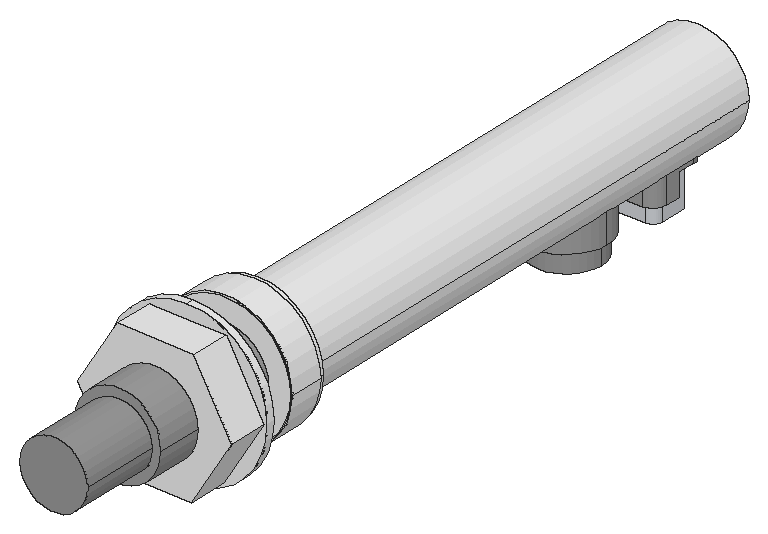
Revit family "DAN DRYER TAPS Watertap wall-mounted water faucet touch-less 390", category Electrical Fixtures, host Wall, Revit 2018
Family settings
  Host = Wall
  Maintain Annotation Orientation = No
  Round Connector Dimension = Use Diameter
  Part Type = Normal
  OmniClass Number = 23.80.00.00
  OmniClass Title = Electric Power and Lighting
  Always vertical = Yes
  Cut with Voids When Loaded = No
  Shared = No
  Room Calculation Point = No
Parameters (values of type "WaterTap Wall-mounted 390")
  Wall_thickness [instance] = 15 mm
  URL = "https://www.dandryer.com/en-us/products/dan-dryer-taps/390-watertap-wall-mounted-water-faucet--touch-less"
  Show Pump [instance] = yes
  Show Container [instance] = yes
  Semi Clear plast = DD_Semiclear plastic
  Satin stainless steel = DD_Satin Stainless Steel
  Model = "DAN DRYER WATERTAP WALL-MOUNTED WATER FAUCET TOUCH-LESS 390"
  Manufacturer = "https://www.dandryer.com/"
  Indicator = DD_Green Highlight
  Opaque Plast = DD_White plastic
  Offset washer/nut [instance] = if(Wall_thickness < 10 mm, 10 mm, if(Wall_thickness > 30 mm, 30 mm, Wall_thickness))  # 15 mm
  Height_outlet [instance] = 1150 mm
  Engine_top [instance] = Height_outlet - 300 mm  # 850 mm
  Eject Container [instance] = no
  Black = DD_Black
  Airpipe = DD_White plastic
Reference planes
  plane 1: y = 0
  plane 2 "Center (Left/Right)": x = 125
  plane 3 "Back": y = 7.5
Lines and regions (mm)
  model lines, style "InvisibleLines"
    curve 1: line (125, 7.5, 0) -> (165, 7.5, 0)
Text (mm)
  text "Placement side" at (-1867.185, 1116.779, 0), in view "Ref. Level"
  text "Placement side" at (0, 1270.507, 3001.832), in view "Left"
  text "Placement side" at (0, 530.812, 2999.686), in view "Right"
Dimensions and locks
  locked: plane 3 "Back" to host wall
  "Wall_thickness": host wall to host wall
  aligned and locked: plane 1 to host wall
  aligned and locked: nested 1 to plane 2 "Center (Left/Right)"
Automatic sketch dimensions
  curve 1 to level = 0 mm
  curve 1 to plane 2 "Center (Left/Right)" = 0 mm
  plane 2 "Center (Left/Right)" to curve 1 = 40 mm
Nested families
  nested 1: "Outlet" at (125, 7.5, 1150) x (-1, 0, 0) z (0, 1, 0), Offset <- "Offset washer/nut", built-in parameter 1001360 <- "Height_outlet", type "Outlet"
    with Offset 15 mm
Definition of nested family "Outlet"
  Parameters (values of type "Outlet")
    Satin Stainless Steel = none
    Indicator = none
    Offset [instance] = 30 mm
    Default Elevation = 1219.2 mm
    Black Rubber = none
    Black = none
    Airpipe = none
  Reference planes
    plane 1 "Center (Front/Back)": y = 0
    plane 2: z = 0
    plane 3 "Center (Left/Right)": x = 0
    plane 4 "Start washer/nut": z = -30
    plane 5: z = 205
    plane 6: z = 182
    plane 7: z = 159
  Forms (mm)
    Extrusion 1, solid
      sketch origin (0, 0, 0) x (1, 0, 0) y (0, 1, 0)
        loop
          line (-1219.2, 1219.2) -> (-1219.2, -1219.2) -> (1219.2, -1219.2) -> (1219.2, 1219.2) -> (-1219.2, 1219.2)
      from 0 to -304.8
    Extrusion 2, solid, material <- "Satin Stainless Steel"
      sketch origin (0, 0, 0) x (1, 0, 0) y (0, 1, 0)
        loop
          circle (0, 0) r 19
      from 0 to 220
    Extrusion 3, void
      sketch origin (0, 0, 0) x (1, 0, 0) y (0, 1, 0)
        loop
          circle (0, 0) r 17.5
        loop
          circle (0, 0) r 16
      from 218 to 220
    Extrusion 4, solid, material <- "Indicator"
      sketch origin (0, 0, 0) x (1, 0, 0) y (0, 1, 0)
        loop
          circle (0, 0) r 17.5
        loop
          circle (0, 0) r 16
      from 218 to 219.5
    Extrusion 5, solid, material <- "Satin Stainless Steel"
      sketch origin (0, 0, 0) x (1, 0, 0) y (0, 1, 0)
        loop
          circle (0, 0) r 24.4
      from 0 to 15
    Extrusion 6, solid, material <- "Satin Stainless Steel"
      sketch origin (0, 0, 0) x (1, 0, 0) y (0, 1, 0)
        loop
          circle (0, 0) r 25
        loop
          circle (0, 0) r 24.5
      from 0 to 13
    Extrusion 7, void
      sketch origin (0, 0, 0) x (1, 0, 0) y (0, 0, 1)
        loop
          arc (-10, 205) -> (-13.536, 203.536) -> (-15, 200) r 5
          line (-15, 200) -> (-15, 187)
          arc (-15, 187) -> (-13.536, 183.464) -> (-10, 182) r 5
          line (-10, 182) -> (10, 182)
          arc (10, 182) -> (13.536, 183.464) -> (15, 187) r 5
          line (15, 187) -> (15, 200)
          arc (15, 200) -> (13.536, 203.536) -> (10, 205) r 5
          line (10, 205) -> (-10, 205)
        loop
          circle (0, 159) r 15
      from 0 to 500
    Extrusion 8, solid, material <- "Black"
      sketch origin (0, 0, 0) x (1, 0, 0) y (0, 1, 0)
        loop
          circle (0, 0) r 16
      from 0 to -50
    Extrusion 9, solid, material <- "Satin Stainless Steel"
      sketch origin (0, 0, -30) x (0, 1, 0) y (-1, 0, 0)
        loop
          circle (0, 0) r 30
        loop
          circle (0, 0) r 16
      from 0 to -3
    Extrusion 10, solid, material <- "Satin Stainless Steel"
      sketch origin (0, 0, -30) x (0, 1, 0) y (-1, 0, 0)
        loop
          line (25.071, -13.897) -> (24.571, 14.764) -> (-0.5, 28.661) -> (-25.071, 13.897) -> (-24.571, -14.764) -> (0.5, -28.661) -> (25.071, -13.897)
        loop
          circle (0, 0) r 16
      from 0 to -18
    Extrusion 11, solid, material <- "Airpipe"
      sketch origin (0, 0, 0) x (1, 0, 0) y (0, 1, 0)
        loop
          circle (0, 0) r 12.5
      from 0 to -80
    Extrusion 12, solid, material <- "Black Rubber"
      sketch origin (0, 0, 0) x (1, 0, 0) y (0, 0, 1)
        loop
          arc (-10, 204.5) -> (-13.182, 203.182) -> (-14.5, 200) r 4.5
          line (-14.5, 200) -> (-14.5, 187.5)
          arc (-14.5, 187.5) -> (-13.036, 183.964) -> (-9.5, 182.5) r 5
          line (-9.5, 182.5) -> (10, 182.5)
          arc (10, 182.5) -> (13.182, 183.818) -> (14.5, 187) r 4.5
          line (14.5, 187) -> (14.5, 199.5)
          arc (14.5, 199.5) -> (13.036, 203.036) -> (9.5, 204.5) r 5
          line (9.5, 204.5) -> (-10, 204.5)
        loop
          arc (-10, 203.5) -> (-12.475, 202.475) -> (-13.5, 200) r 3.5
          line (-13.5, 200) -> (-13.5, 187)
          arc (-13.5, 187) -> (-12.475, 184.525) -> (-10, 183.5) r 3.5
          line (-10, 183.5) -> (10, 183.5)
          arc (10, 183.5) -> (12.475, 184.525) -> (13.5, 187) r 3.5
          line (13.5, 187) -> (13.5, 200)
          arc (13.5, 200) -> (12.475, 202.475) -> (10, 203.5) r 3.5
          line (10, 203.5) -> (-10, 203.5)
      from 0 to 22.263
    Extrusion 13, solid, material <- "Black"
      sketch origin (0, 0, 0) x (1, 0, 0) y (0, 0, 1)
        loop
          circle (0, 159) r 15
        loop
          circle (0, 159) r 13
      from 0 to 22.9
    Extrusion 14, solid
      sketch origin (0, 0, 0) x (1, 0, 0) y (0, 0, 1)
        loop
          circle (0, 159) r 13
        loop
          circle (0, 159) r 11
      from 0 to 30.5
    Extrusion 15, solid
      sketch origin (0, 0, 0) x (1, 0, 0) y (0, 0, 1)
        loop
          line (-13.5, 200) -> (-13.5, 187)
          arc (-13.5, 187) -> (-12.475, 184.525) -> (-10, 183.5) r 3.5
          line (-10, 183.5) -> (10, 183.5)
          arc (10, 183.5) -> (12.475, 184.525) -> (13.5, 187) r 3.5
          line (13.5, 187) -> (13.5, 200)
          arc (13.5, 200) -> (12.475, 202.475) -> (10, 203.5) r 3.5
          line (10, 203.5) -> (-10, 203.5)
          arc (-10, 203.5) -> (-12.475, 202.475) -> (-13.5, 200) r 3.5
      from 0 to 27.914
    Extrusion 16, void
      sketch origin (0, 0, -30) x (0, 1, 0) y (-1, 0, 0)
        loop
          line (0, 19) -> (-30, 19) -> (-30, -19) -> (0, -19)
          arc (0, -19) -> (-19, 0) -> (0, 19) r 19
      from 212 to 240.015
    Extrusion 17, void
      sketch origin (0, 0, -30) x (0, 1, 0) y (-1, 0, 0)
        loop
          arc (0, -20) -> (-20, 0) -> (0, 20) r 20
          line (0, 20) -> (-25.518, 20) -> (-26.915, -20) -> (0, -20)
      from 274.298 to 208.132
  Cuts and joins
    Extrusion 3, Extrusion 7 cuts Extrusion 2
    joined: Extrusion 2, Extrusion 5
    Extrusion 16, Extrusion 17 cuts Extrusion 9
    Extrusion 16, Extrusion 17 cuts Extrusion 10
    joined: Extrusion 9, Extrusion 10
    Extrusion 16 cuts Extrusion 15
    Extrusion 17 cuts Extrusion 12
  Dimensions and locks
    "Offset": level to plane 4 "Start washer/nut"
    cut or joined group of Extrusion 2, Extrusion 3, Extrusion 5, Extrusion 7 to plane 5 to plane 6 to plane 7 = 15 mm, 23 mm, 23 mm
    aligned and locked: plane 2 to Extrusion 1
    aligned and locked: level to Extrusion 1
  Automatic sketch dimensions
    Extrusion 1 sketch curve to Extrusion 1 sketch curve = 2438.4 mm  (x2)
    plane 1 "Center (Front/Back)" to Extrusion 2 sketch curve = 0 mm
    Extrusion 2 sketch curve to plane 3 "Center (Left/Right)" = 0 mm
    Extrusion 3 sketch curve to Extrusion 3 sketch curve = 0 mm  (x2)
    plane 1 "Center (Front/Back)" to Extrusion 3 sketch curve = 0 mm
    Extrusion 3 sketch curve to plane 3 "Center (Left/Right)" = 0 mm
    Extrusion 4 sketch curve to Extrusion 4 sketch curve = 0 mm  (x2)
    plane 1 "Center (Front/Back)" to Extrusion 4 sketch curve = 0 mm
    Extrusion 4 sketch curve to plane 3 "Center (Left/Right)" = 0 mm
    plane 1 "Center (Front/Back)" to Extrusion 5 sketch curve = 0 mm
    Extrusion 5 sketch curve to plane 3 "Center (Left/Right)" = 0 mm
    Extrusion 6 sketch curve to Extrusion 6 sketch curve = 0 mm  (x2)
    plane 1 "Center (Front/Back)" to Extrusion 6 sketch curve = 0 mm
    Extrusion 6 sketch curve to plane 3 "Center (Left/Right)" = 0 mm
    plane 1 "Center (Front/Back)" to Extrusion 8 sketch curve = 0 mm
    Extrusion 8 sketch curve to plane 3 "Center (Left/Right)" = 0 mm
    plane 1 "Center (Front/Back)" to Extrusion 10 sketch curve = 0 mm
    Extrusion 10 sketch curve to plane 3 "Center (Left/Right)" = 0 mm
    plane 1 "Center (Front/Back)" to Extrusion 10 sketch curve = 0.5 mm
    plane 1 "Center (Front/Back)" to Extrusion 10 sketch curve = 24.571 mm
    plane 1 "Center (Front/Back)" to Extrusion 10 sketch curve = 25.071 mm
    Extrusion 10 sketch curve to plane 1 "Center (Front/Back)" = 0.5 mm
    Extrusion 10 sketch curve to plane 1 "Center (Front/Back)" = 24.571 mm
    Extrusion 10 sketch curve to plane 1 "Center (Front/Back)" = 25.071 mm
    Extrusion 9 sketch curve to Extrusion 9 sketch curve = 0 mm  (x2)
    plane 1 "Center (Front/Back)" to Extrusion 9 sketch curve = 0 mm
    Extrusion 9 sketch curve to plane 3 "Center (Left/Right)" = 0 mm
    plane 1 "Center (Front/Back)" to Extrusion 11 sketch curve = 0 mm
    Extrusion 11 sketch curve to plane 3 "Center (Left/Right)" = 0 mm
    plane 3 "Center (Left/Right)" to Extrusion 10 sketch curve = 13.897 mm
    plane 3 "Center (Left/Right)" to Extrusion 10 sketch curve = 14.764 mm
    plane 3 "Center (Left/Right)" to Extrusion 10 sketch curve = 28.661 mm
    Extrusion 10 sketch curve to plane 3 "Center (Left/Right)" = 13.897 mm
    Extrusion 10 sketch curve to plane 3 "Center (Left/Right)" = 14.764 mm
    Extrusion 10 sketch curve to plane 3 "Center (Left/Right)" = 28.661 mm
    Extrusion 7 sketch curve to plane 6 = 0 mm
    Extrusion 7 sketch curve to plane 5 = 0 mm
    Extrusion 7 sketch curve to plane 3 "Center (Left/Right)" = 0 mm
    Extrusion 7 sketch curve to plane 7 = 0 mm
    Extrusion 7 sketch curve to plane 3 "Center (Left/Right)" = 10 mm
    Extrusion 7 sketch curve to Extrusion 7 sketch curve = 5 mm  (x2)
    plane 3 "Center (Left/Right)" to Extrusion 7 sketch curve = 10 mm  (x2)
    Extrusion 7 sketch curve to plane 6 = 5 mm
    Extrusion 12 sketch curve to Extrusion 12 sketch curve = 0 mm  (x4)
    Extrusion 12 sketch curve to Extrusion 12 sketch curve = 0.5 mm  (x3)
    Extrusion 12 sketch curve to plane 6 = 0.5 mm
    plane 5 to Extrusion 12 sketch curve = 0.5 mm
    Extrusion 12 sketch curve to plane 6 = 5.5 mm
    Extrusion 12 sketch curve to plane 3 "Center (Left/Right)" = 14.5 mm
    plane 5 to Extrusion 12 sketch curve = 5 mm
    plane 3 "Center (Left/Right)" to Extrusion 12 sketch curve = 9.5 mm
    Extrusion 12 sketch curve to plane 6 = 5 mm
    plane 3 "Center (Left/Right)" to Extrusion 12 sketch curve = 10 mm
    Extrusion 12 sketch curve to Extrusion 12 sketch curve = 1 mm
    Extrusion 13 sketch curve to Extrusion 13 sketch curve = 0 mm  (x2)
    Extrusion 13 sketch curve to plane 3 "Center (Left/Right)" = 0 mm
    Extrusion 13 sketch curve to plane 7 = 0 mm
    Extrusion 14 sketch curve to Extrusion 14 sketch curve = 0 mm  (x2)
    Extrusion 14 sketch curve to plane 3 "Center (Left/Right)" = 0 mm
    Extrusion 14 sketch curve to plane 7 = 0 mm
    plane 5 to Extrusion 15 sketch curve = 1.5 mm
    Extrusion 15 sketch curve to Extrusion 15 sketch curve = 3.5 mm  (x4)
    plane 3 "Center (Left/Right)" to Extrusion 15 sketch curve = 10 mm
    Extrusion 15 sketch curve to plane 6 = 5 mm
    Extrusion 15 sketch curve to plane 3 "Center (Left/Right)" = 10 mm
    plane 1 "Center (Front/Back)" to Extrusion 16 sketch curve = 0 mm
    Extrusion 16 sketch curve to plane 3 "Center (Left/Right)" = 0 mm
    plane 1 "Center (Front/Back)" to Extrusion 16 sketch curve = 30 mm
    Extrusion 16 sketch curve to Extrusion 16 sketch curve = 19 mm
    plane 1 "Center (Front/Back)" to Extrusion 17 sketch curve = 0 mm  (x3)
    Extrusion 17 sketch curve to plane 3 "Center (Left/Right)" = 0 mm
    plane 1 "Center (Front/Back)" to Extrusion 17 sketch curve = 25.518 mm
    Extrusion 17 sketch curve to plane 3 "Center (Left/Right)" = 20 mm
    plane 1 "Center (Front/Back)" to Extrusion 17 sketch curve = 26.915 mm
    plane 3 "Center (Left/Right)" to Extrusion 17 sketch curve = 20 mm
    Extrusion 17 sketch curve to Extrusion 17 sketch curve = 0 mm
    radius of Extrusion 2 sketch curve = 19 mm
    radius of Extrusion 3 sketch curve = 17.5 mm
    radius of Extrusion 3 sketch curve = 16 mm
    radius of Extrusion 4 sketch curve = 17.5 mm
    radius of Extrusion 4 sketch curve = 16 mm
    radius of Extrusion 5 sketch curve = 24.4 mm
    radius of Extrusion 6 sketch curve = 25 mm
    radius of Extrusion 6 sketch curve = 24.5 mm
    radius of Extrusion 8 sketch curve = 16 mm
    radius of Extrusion 10 sketch curve = 16 mm
    radius of Extrusion 9 sketch curve = 30 mm
    radius of Extrusion 9 sketch curve = 16 mm
    radius of Extrusion 11 sketch curve = 12.5 mm
    radius of Extrusion 7 sketch curve = 15 mm
    radius of Extrusion 13 sketch curve = 15 mm
    radius of Extrusion 13 sketch curve = 13 mm
    radius of Extrusion 14 sketch curve = 13 mm
    radius of Extrusion 14 sketch curve = 11 mm
